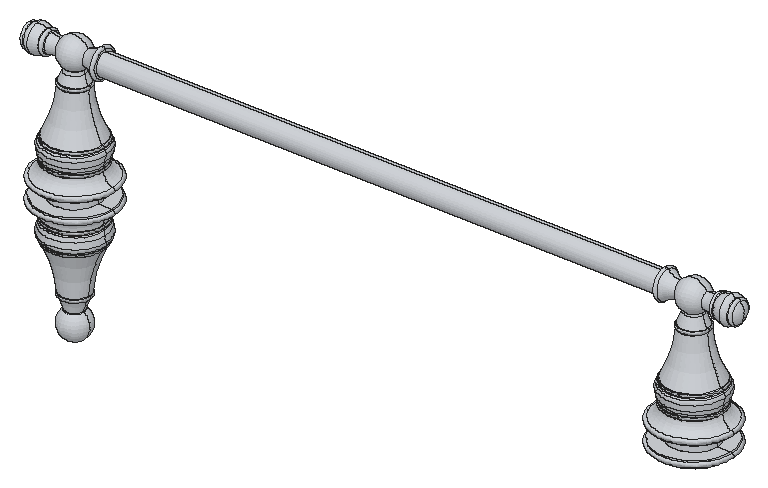
Revit family "Accessory-Towel_Bar-KOHLER-REVIVAL-K-72709T_12", category Specialty Equipment, host Face, Revit 2017 (continued)
Definition of nested family "K-72709T"
  Lines and regions (in)
    symbolic lines, detail levels medium+fine
      curve 134: arc (9.67169, 0.26634, 0) -> (9.6844, 0.27532, 0) -> (9.68929, 0.2901, 0) r 0.02487
      curve 135: arc (8.60671, 0.22098, 0) -> (8.9884, 0.44201, 0) -> (9.37105, 0.22265, 0) r 0.44174
      curve 136: arc (8.60671, 0.22098, 0) -> (8.40611, 0.28965, 0) -> (8.22518, 0.40019, 0) r 0.97172
      curve 137: line (8.12936, 0.31265, 0) -> (8.12936, 0.3749, 0)
      curve 138: arc (8.12936, 0.3749, 0) -> (8.16646, 0.4285, 0) -> (8.22518, 0.40019, 0) r 0.05016
      curve 139: arc (10.06756, -0.39997, 0) -> (9.93258, -0.37025, 0) -> (9.80398, -0.31964, 0) r 0.87391
      curve 140: arc (9.68929, -0.2901, 0) -> (9.72071, -0.33652, 0) -> (9.7755, -0.3247, 0) r 0.05007
      curve 141: arc (9.7755, -0.3247, 0) -> (9.78891, -0.31753, 0) -> (9.80398, -0.31964, 0) r 0.02455
      curve 142: arc (9.37105, -0.22265, 0) -> (9.52303, -0.23303, 0) -> (9.67169, -0.26634, 0) r 1.00169
      curve 143: arc (9.67169, -0.26634, 0) -> (9.6844, -0.27532, 0) -> (9.68929, -0.2901, 0) r 0.02487
      curve 144: arc (8.60671, -0.22098, 0) -> (8.9884, -0.44201, 0) -> (9.37105, -0.22265, 0) r 0.44174
      curve 145: arc (8.60671, -0.22098, 0) -> (8.40611, -0.28965, 0) -> (8.22518, -0.40019, 0) r 0.97172
      curve 146: line (8.12936, -0.3125, 0) -> (8.12936, -0.3749, 0)
      curve 147: arc (8.12936, -0.3749, 0) -> (8.16646, -0.4285, 0) -> (8.22518, -0.40019, 0) r 0.05016
      curve 148: line (10.32875, -0.29942, 0) -> (10.32875, 0.29942, 0)
      curve 149: line (10.25195, -0.33177, 0) -> (10.25195, 0.33138, 0)
      curve 150: line (10.20917, -0.32661, 0) -> (10.20917, 0.32536, 0)
      curve 151: line (9.8043, -0.3198, 0) -> (9.8043, 0.3198, 0)
      curve 152: line (9.77582, 0.32436, 0) -> (9.77582, -0.32437, 0)
      curve 153: line (9.68997, -0.29012, 0) -> (9.68997, 0.29012, 0)
      curve 154: line (9.39341, -0.22272, 0) -> (9.39341, 0.22272, 0)
      curve 155: line (9.37105, -0.22265, 0) -> (9.37105, 0.22265, 0)
      curve 156: line (8.60704, -0.22098, 0) -> (8.60704, 0.22098, 0)
      curve 157: line (8.58596, -0.22588, 0) -> (8.58596, 0.22588, 0)
      curve 158: line (8.2255, -0.39994, 0) -> (8.2255, 0.39994, 0)
      curve 159: line (8.12936, -0.3125, 0) -> (8.12936, 0.31265, 0)
      curve 160: line (7.88328, 0.3125, 0) -> (8.13396, 0.3125, 0)
      curve 161: line (7.88328, -0.3125, 0) -> (8.12936, -0.3125, 0)
      curve 162: arc (9.75323, 0.33816, 0) -> (9.01469, 0.8347, 0) -> (8.24775, 0.38326, 0) r 0.83508
      curve 163: arc (9.82654, 0.33025, 0) -> (9.04284, 0.8981, 0) -> (8.19763, 0.42667, 0) r 0.89967
      curve 164: arc (10.00071, 0.38805, 0) -> (8.94976, 1.08221, 0) -> (7.95281, 0.3125, 0) r 1.08294
      curve 165: arc (9.75323, -0.33816, 0) -> (9.01469, -0.8347, 0) -> (8.24775, -0.38326, 0) r 0.83508
      curve 166: arc (9.82654, -0.33025, 0) -> (9.04284, -0.8981, 0) -> (8.19763, -0.42667, 0) r 0.89967
      curve 167: arc (10.00071, -0.38805, 0) -> (8.94976, -1.08221, 0) -> (7.95281, -0.3125, 0) r 1.08294
      curve 168: arc (-9.75323, 0.33816, 0) -> (-9.01469, 0.8347, 0) -> (-8.24775, 0.38326, 0) r 0.83508
      curve 169: arc (-9.82654, 0.33025, 0) -> (-9.04284, 0.8981, 0) -> (-8.19763, 0.42667, 0) r 0.89967
      curve 170: arc (-10.00071, 0.38805, 0) -> (-8.94976, 1.08221, 0) -> (-7.95281, 0.3125, 0) r 1.08294
      curve 171: arc (-9.75323, -0.33816, 0) -> (-9.01469, -0.8347, 0) -> (-8.24775, -0.38326, 0) r 0.83508
      curve 172: arc (-9.82654, -0.33025, 0) -> (-9.04284, -0.8981, 0) -> (-8.19763, -0.42667, 0) r 0.89967
      curve 173: arc (-10.00071, -0.38805, 0) -> (-8.94976, -1.08221, 0) -> (-7.95281, -0.3125, 0) r 1.08294
  Dimensions and locks (in)
    plane 4 to level = 3.31979"
    plane 6 to plane 5 = 17.97937"
    level to plane 45 = 0.39328"
    plane 45 to plane 71 = 3.76125"
    plane 4 to plane 51 = 4.02803"
    plane 25 to plane 8 = 20.88028"
    plane 77 to plane 75 = 2.30155"
    plane 63 to plane 71 = 7.91618"
    aligned and locked: plane 2 to level
Types (3): name | Type | Model | Finish
  (no name) | 1 | "K-72709T-CP" | Kohler-Metal-CP-Polished_Chrome
  CP-Polished Chrome | 1 | "K-72709T-CP" | Kohler-Metal-CP-Polished_Chrome
  AF-Vibrant French Gold | 2 | "K-72709T-AF" | Kohler-Metal-AF-Vibrant_French_Gold
